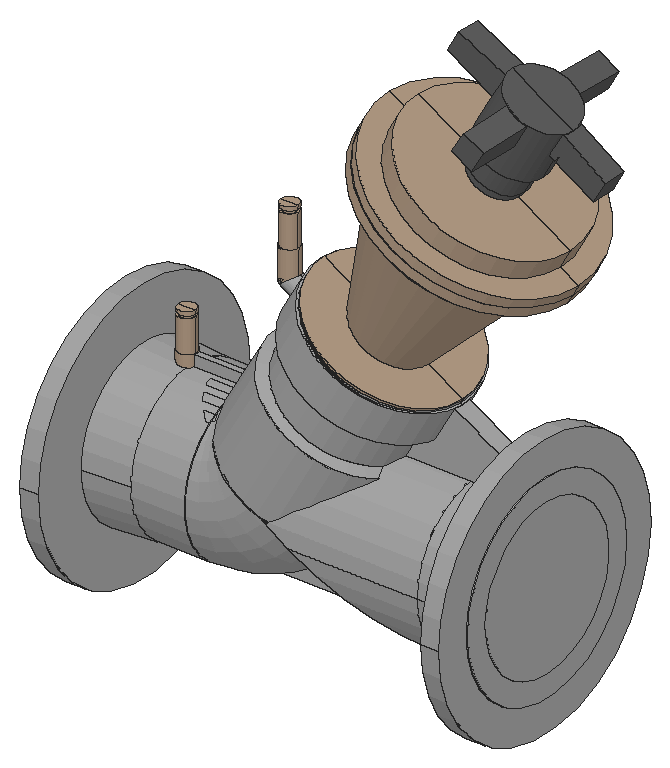
Revit family "oventrop_hydromat-dfc_1064651-55rfa", category Арматура трубопроводов, Revit 2017
Family settings
  Размер круглого соединителя = Использовать радиус
  Тип детали = Клапан - Вставляется
  Номер OmniClass = 23.65.55.14.17
  Заголовок OmniClass = Adjusting/Controlling Valves for Liquid Services
  На основе рабочей плоскости = Нет
  Всегда вертикально = Да
  При загрузке вырезать с полостями = Нет
  Общий = Нет
Parameters (values of type "DN 125")
  Wholesaler Art. No. = ""
  Wholesaler = ""
  VHth = 82.800 mm
  VDst = 40.200 mm
  Use Nominal Diameter [instance] = yes
  built-in parameter 1114242 [instance] = 1
  Up_Flange_Radius = 103.000 mm  # constant formula
  Stabu Code = ""
  Revit Version = "2015"  # constant formula
  Product Line = "Oventrop"  # constant formula
  MEPcontent Class = "VALVE_BALANCING"  # constant formula
  Language = ""
  IFCExportType = "PRESSUREREDUCING"
  IFCExportAs = "IfcValveType"
  Function Code [instance] = ""
  Family Version = "10.14"  # constant formula
  ETIM Article Class = "EC011463"
  EMCS Version = "2.0"  # constant formula
  Custom = no
  CB-NL Class = ""
  Bronze = Color RGB 156-122-90
  URL = "http://file-system.ru/catalog/zdaniya_i_sooruzheniya/kommunikatsii/oborudovanie_dlya_sistem_vodosnabzheniya_i_vodootvedeniya/hydromat_dfc_1064651_dn_65_125_regulyator_perepada_davleniya/"
  R2 = R1 / sin(Angle)  # 10.392 mm
  R1 = 9.000 mm  # constant formula
  Rad3 = Rad4 + 3.000 mm  # 75.800 mm
  OuterDiameter = 139.700 mm
  NominalRadius [instance] = if(Use Nominal Diameter, NominalDiameter / 2, OuterDiameter / 2)  # 62.500 mm
  NominalDiameter = 125.000 mm
  Группа модели = "Hydromat DFC 10646"
  Изготовитель = "Oventrop"  # constant formula
  Lgt4 = 157.500 mm
  Lgt3 = 45.200 mm
  Rad2 = FlangeDiameter / 2  # 125.000 mm
  Length = 400.000 mm
  Internal Art. No. = ""
  Hlp2 = CurDst * 1 / 3  # 14.010 mm
  Height = 450.000 mm
  GTIN = "4026755332124"
  DstChk = 25.000 mm
  Описание = "Differential pressure regulator, flanged"  # constant formula
  FlangeDiameter = 250.000 mm
  Dst1 = if(DstChk < 0.000 mm, 0.000 mm, DstChk)  # 25.000 mm
  r2 = 3.000 mm  # constant formula
  r1 = 2.000 mm  # constant formula
  Rad7 = Rad5 + 2.000 mm  # 77.300 mm
  Rad6 = Rad5 - 10.000 mm  # 65.300 mm
  Rad5 = Rad4 + 2.500 mm  # 75.300 mm
  Rad4 = 72.800 mm
  Rad1 = Rad2 * 0.75  # 93.750 mm
  Pressure Drop = 0.0 Pa
  Radius1 = 62.500 mm
  Manufacturer URL = "http://www.oventrop.de/ArticleInfo.aspx?art=1064654"
  CurDst = (Rad4 * tan(Angle / 2))  # 42.031 mm
  Lgt2 = 17.600 mm
  Lgt1 = 2.000 mm  # constant formula
  L2 = Rad4 * tan(Angle / 2)  # 42.031 mm
  Hlp1 = 22.000 mm  # constant formula
  Hb6 = (Hb2) * sin(Angle) + (Rad5 * cos(Angle)) - (Dst1 * cos(Angle))  # 156.808 mm
  Hb5 = 3.000 mm  # constant formula
  Hb4 = 18.000 mm  # constant formula
  Hb3 = Hb2 / 4  # 38.006 mm
  Hb2 = Hb1 - CurDst - 82.000 mm - 8.000 mm  # 152.025 mm
  Hb1 = (H / sin(Angle)) - (Crank Radius / tan(Angle))  # 284.056 mm
  H = 286.000 mm
  Crank Radius = 80.000 mm  # constant formula
  Cast Iron = Color RGB 140-140-140
  Bottom_Flange_Radius = Up_Flange_Radius / 1.716  # 60.023 mm
  Body_Height = 131.000 mm
  Bonnet = Color RGB 35-35-35
  Article Type = "Hydromat DFC 10646"  # constant formula
  Article Description = "Differential pressure regulator, flanged"  # constant formula
  Angle 3 = -Angle  # -60.00°
  Angle 2 = 90.00° - Angle  # 30.00°
  Angle = 60.00°  # constant formula
  Manufacturer Art. No. = "1064654"
Types (5, lengths in mm): name | VHth | VDst | URL | Rad3 | OuterDiameter | NominalRadius | NominalDiameter | Lgt4 | Lgt3 | Rad2 | Length | Hlp2 | Height | GTIN | DstChk | FlangeDiameter | Dst1 | Rad7 | Rad6 | Rad5 | Rad4 | Rad1 | Radius1 | Manufacturer URL | CurDst | Lgt2 | L2 | Hb6 | Hb3 | Hb2 | Hb1 | H | Body_Height | Manufacturer Art. No.
  DN 65 | 50.400 | 29.400 | "www.stabiplan.com" | 43.400 | 76.100 | 32.500 | 65.000 | 110.000 | 34.400 | 92.500 | 290.000 | 7.775 | 375.000 | "4026755305432" | 28.000 | 185.000 | 28.000 | 44.900 | 32.900 | 42.900 | 40.400 | 69.375 | 32.500 | "http://www.oventrop.de/ArticleInfo.aspx?art=1064651" | 23.325 | 15.584 | 23.325 | 60.308 | 15.259 | 61.035 | 174.360 | 191.000 | 154.000 | "1064651"
  DN 80 | 58.500 | 32.100 | "www.stabiplan.com" | 51.500 | 88.900 | 40.000 | 80.000 | 110.000 | 37.100 | 100.000 | 310.000 | 9.334 | 395.000 | "4026755305449" | 32.000 | 200.000 | 32.000 | 53.000 | 41.000 | 51.000 | 48.500 | 75.000 | 40.000 | "http://www.oventrop.de/ArticleInfo.aspx?art=1064652" | 28.001 | 16.088 | 28.001 | 73.308 | 18.420 | 73.679 | 191.680 | 206.000 | 160.000 | "1064652"
  DN 100 | 69.300 | 35.700 | "www.stabiplan.com" | 62.300 | 114.300 | 50.000 | 100.000 | 110.000 | 40.700 | 110.000 | 350.000 | 11.412 | 410.000 | "4026755305456" | 28.000 | 220.000 | 28.000 | 63.800 | 51.800 | 61.800 | 59.300 | 82.500 | 50.000 | "http://www.oventrop.de/ArticleInfo.aspx?art=1064653" | 34.237 | 16.760 | 34.237 | 112.308 | 27.542 | 110.167 | 234.404 | 243.000 | 134.000 | "1064653"
  DN 125 | 82.800 | 40.200 | "http://file-system.ru/catalog/zdaniya_i_sooruzheniya/kommunikatsii/oborudovanie_dlya_sistem_vodosnabzheniya_i_vodootvedeniya/hydromat_dfc_1064651_dn_65_125_regulyator_perepada_davleniya/" | 75.800 | 139.700 | 62.500 | 125.000 | 157.500 | 45.200 | 125.000 | 400.000 | 14.010 | 450.000 | "4026755332124" | 25.000 | 250.000 | 25.000 | 77.300 | 65.300 | 75.300 | 72.800 | 93.750 | 62.500 | "http://www.oventrop.de/ArticleInfo.aspx?art=1064654" | 42.031 | 17.600 | 42.031 | 156.808 | 38.006 | 152.025 | 284.056 | 286.000 | 131.000 | "1064654"
  DN 150 | 96.300 | 44.700 | "www.stabiplan.com" | 89.300 | 168.300 | 75.000 | 150.000 | 205.000 | 49.700 | 142.500 | 480.000 | 16.608 | 450.000 | "4026755332131" | 40.000 | 285.000 | 40.000 | 90.800 | 78.800 | 88.800 | 86.300 | 106.875 | 75.000 | "http://www.oventrop.de/ArticleInfo.aspx?art=1064655" | 49.825 | 18.440 | 49.825 | 151.308 | 36.635 | 146.540 | 286.366 | 288.000 | 128.000 | "1064655"
Reference planes
  plane 1 "Center (Front/Back)": y = 0
  plane 2: z = 0
  plane 3 "Center (Left/Right)": x = 0
  plane 4: x = -200
  plane 5: x = 200
  plane 6: x = 198
  plane 7: x = -198
  plane 8: x = -84.531
  plane 9: z = -72.8
  plane 10: z = -75.3
  plane 11: z = -65.3
  plane 12: x = -42.5
  plane 13: z = 72.8
  plane 14: y = 8.8
  plane 15: y = -8.8
  plane 16: y = -72.8
  plane 17: y = 72.8
  plane 18: x = 180.4
  plane 19: y = 11
  plane 20: y = -11
  plane 21: y = -3
  plane 22: y = 3
  plane 23: x = -180.4
  plane 24: x = -135.2
  plane 25: x = 135.2
  plane 26: x = -140.2
  plane 27: z = 450
  plane 28: z = 335
Forms (mm)
  Extrusion 1, solid, material "Color RGB 140-140-140" <- "Cast Iron", detail levels fine
    sketch origin (0, 0, 0) x (0, 1, 0) y (0, 0, 1)
      loop
        circle (0, 0) r 93.75
    from 198 to 200
  Extrusion 2, solid, material "Color RGB 140-140-140" <- "Cast Iron", detail levels fine
    sketch origin (0, 0, 0) x (0, 1, 0) y (0, 0, 1)
      loop
        circle (0, 0) r 93.75
    from -198 to -200
  Extrusion 3, solid, material "Color RGB 140-140-140" <- "Cast Iron", detail levels fine
    sketch origin (0, 0, 0) x (0, 1, 0) y (0, 0, 1)
      loop
        circle (0, 0) r 72.8
    from -198 to 198
  Revolve 4, void
    sketch origin (-42.5, 0, 0) x (0.5, 0, 0.866025) y (-0.866025, 0, 0.5)
      loop
        line (28.021, 0) -> (-290, 0) -> (-290, -290) -> (28.021, -290) -> (28.021, 0)
      axis (-290, 0) -> (28.021, 0)
    angle from 0 to 360
  Revolve 5, solid, material "Color RGB 140-140-140" <- "Cast Iron", detail levels fine
    sketch origin (-84.531, -1524, 140.053) x (0, 0, 1) y (0, -1, 0)
      loop
        circle (-140.053, -1524) r 72.8
      axis (-67.253, -1524) -> (-67.253, -1523)
    angle from 0 to -60 <- "Angle 3"
  Extrusion 6, solid, material "Color RGB 140-140-140" <- "Cast Iron", detail levels fine
    sketch origin (-84.531, -1524, 140.053) x (0, 0, 1) y (0, -1, 0)
      loop
        circle (-140.053, -1524) r 72.8
    from -115.469 to 0
  Revolve 7, solid, material "Color RGB 140-140-140" <- "Cast Iron", detail levels fine
    sketch origin (-42.5, 0, 0) x (0.5, 0, 0.866025) y (-0.866025, 0, 0.5)
      loop
        line (194.056, 0) -> (28.021, 0) -> (28.021, -73.3)
        arc (28.021, -73.3) -> (28.607, -74.714) -> (30.021, -75.3) r 2
        line (30.021, -75.3) -> (110.044, -75.3) -> (113.044, -65.3) -> (151.05, -65.3) -> (154.05, -77.3) -> (192.056, -77.3) -> (192.056, -75.3) -> (194.056, -75.3) -> (194.056, 0)
      axis (28.021, 0) -> (194.056, 0)
    angle from 0 to 360
  Extrusion 8, solid, material "Color RGB 140-140-140" <- "Cast Iron", detail levels fine
    sketch origin (198, -1524, 140.053) x (0, 0, 1) y (0, -1, 0)
      loop
        circle (-140.053, -1524) r 72.8
    from 2 to -17.6
  Extrusion 9, solid, material "Color RGB 140-140-140" <- "Cast Iron", detail levels fine
    sketch origin (-42.5, 0, 0) x (0.5, 0, 0.866025) y (-0.866025, 0, 0.5)
      loop
        line (192.056, 0) -> (42.031, 0) -> (42.031, -72.8) -> (88.85, -153.893) -> (192.056, -146.499) -> (192.056, 0)
    from -8.8 to 8.8
  Revolve 10, solid, material "Color RGB 156-122-90" <- "Bronze", detail levels fine
    sketch origin (-43.135, 0, 48.9) x (0, 0, 1) y (-1, 0, 0)
      loop
        line (129.348, 0) -> (129.348, -9) -> (156.808, -9) -> (156.808, -8) -> (186.808, -8) -> (186.808, -6) -> (189.808, -6) -> (189.808, -8) -> (192.808, -8) -> (192.808, 0) -> (129.348, 0)
      axis (129.348, 0) -> (192.808, 0)
    angle from 0 to 360
  Extrusion 11, solid, material "Color RGB 140-140-140" <- "Cast Iron", detail levels fine
    sketch origin (0, 0, 0) x (0, 1, 0) y (0, 0, 1)
      loop
        circle (0, 0) r 125
    from -180.4 to -198
  Extrusion 12, solid, material "Color RGB 140-140-140" <- "Cast Iron", detail levels fine
    sketch origin (0, 0, 0) x (0, 1, 0) y (0, 0, 1)
      loop
        circle (0, 0) r 125
    from 180.4 to 198
  Blend 13, solid, material "Color RGB 140-140-140" <- "Cast Iron", detail levels fine
    base sketch origin (0, 0, 0) x (0, 1, 0) y (0, 0, 1)
      loop
        circle (0, 0) r 75.8
    top sketch origin (0, 0, 0) x (0, 1, 0) y (0, 0, 1)
      loop
        circle (0, 0) r 72.8
    from 180.4 to 135.2
  Blend 14, solid, material "Color RGB 140-140-140" <- "Cast Iron", detail levels fine
    base sketch origin (0, 0, 0) x (0, 1, 0) y (0, 0, 1)
      loop
        circle (0, 0) r 75.8
    top sketch origin (0, 0, 0) x (0, 1, 0) y (0, 0, 1)
      loop
        circle (0, 0) r 72.8
    from -180.4 to -135.2
  Extrusion 15, solid, material "Color RGB 140-140-140" <- "Cast Iron", detail levels fine
    sketch origin (0, 0, 0) x (0, 1, 0) y (0, 0, 1)
      loop
        arc (-3, -72.738) -> (0, -72.8) -> (3, -72.738) r 72.8
        line (3, -72.738) -> (3, 0) -> (-3, 0) -> (-3, -72.738)
    from -84.531 to 135.2
  Revolve 16, solid, material "Color RGB 156-122-90" <- "Bronze", detail levels fine
    sketch origin (0, 0, 0) x (1, 0, 0) y (0, 0, 1)
      loop
        line (-140.2, 0) -> (-131.2, 0) -> (-131.2, 82.8) -> (-132.2, 82.8) -> (-132.2, 112.8) -> (-134.2, 112.8) -> (-134.2, 115.8) -> (-132.2, 115.8) -> (-132.2, 118.8) -> (-140.2, 118.8) -> (-140.2, 0)
      axis (-140.2, 118.8) -> (-140.2, 0)
    angle from 0 to 360
  Extrusion 17, solid, material "Color RGB 140-140-140" <- "Cast Iron", detail levels fine
    sketch origin (0, 0, 0) x (1, 0, 0) y (0, 0, 1)
      loop
        line (-140.2, 82.8) -> (-140.2, 0) -> (-34.135, 0) -> (-34.135, 82.8) -> (-140.2, 82.8)
    from -3 to 3
  Revolve 18, solid, material "Color RGB 140-140-140" <- "Cast Iron", detail levels fine
    sketch origin (15.243, 0, 144.544) x (0.866025, 0, -0.5) y (0.5, 0, 0.866025)
      loop
        arc (-76.409, 0) -> (-73.773, -6.364) -> (-67.409, -9) r 9
        line (-67.409, -9) -> (22.265, -9) -> (22.265, 0) -> (-76.409, 0)
      axis (-76.409, 0) -> (22.265, 0)
    angle from 0 to 360
  Revolve 19, solid, material "Color RGB 156-122-90" <- "Bronze", detail levels fine
    sketch origin (-42.5, 0, 0) x (0.5, 0, 0.866025) y (-0.866025, 0, 0.5)
      loop
        line (387.056, 0) -> (387.056, 83) -> (367.056, 83) -> (367.056, 103) -> (357.056, 103) -> (357.056, 0) -> (387.056, 0)
      axis (357.056, 0) -> (387.056, 0)
    angle from 0 to 360
  Revolve 20, solid, material "Color RGB 156-122-90" <- "Bronze", detail levels fine
    sketch origin (-42.5, 0, 0) x (0.5, 0, 0.866025) y (-0.866025, 0, 0.5)
      loop
        line (357.056, 0) -> (357.056, 103) -> (347.056, 103) -> (347.056, 83) -> (327.056, 83) -> (327.056, 78) -> (196.056, 38) -> (196.056, 75.3) -> (194.056, 75.3) -> (194.056, 0) -> (357.056, 0)
      axis (194.056, 0) -> (357.056, 0)
    angle from 0 to 360
Cuts and joins
  Revolve 4 cuts Extrusion 3
  joined: Extrusion 6, Blend 14, Extrusion 17
Lines and regions (mm)
  reference lines
    curve 1: line (-42.5, 0, 0) -> (157.5, 0, 346.41)
    curve 2: line (30.413, 0, 404.838) -> (236.873, 0, 285.638)
    curve 3: line (216.873, 0, 250.997) -> (10.413, 0, 370.197)
    curve 4: line (226.873, 0, 268.318) -> (20.413, 0, 387.518)
    curve 5: line (-66.087, 0, 237.695) -> (140.373, 0, 118.495)
    curve 6: line (-67.087, 0, 235.963) -> (139.373, 0, 116.763)
    curve 7: line (-106.594, 0, 167.536) -> (99.867, 0, 48.336)
    curve 8: line (-108.094, 0, 164.938) -> (98.367, 0, 45.738)
    curve 9: line (-87.591, 0, 200.451) -> (118.87, 0, 81.251)
    curve 10: line (-142.1, 0, 106.037) -> (64.36, 0, -13.163)
    curve 11: line (-42.5, 0, 0) -> (54.743, 0, -56.143)
    curve 12: line (-65.087, 0, 239.427) -> (141.373, 0, 120.227)
    curve 13: line (15.243, 0, 144.544) -> (120.37, 0, 83.849)
    curve 14: line (27.672, 0, -29.059) -> (99.737, 0, 95.761)
    curve 15: line (91.076, 0, 100.761) -> (19.012, 0, -24.059)
    curve 16: line (101.469, 0, 94.761) -> (29.404, 0, -30.059)
    curve 17: line (93.849, 27, 236.163) -> (83.29, 27, 217.874)
    curve 18: line (93.849, 80, 236.163) -> (83.29, 80, 217.874)
    curve 19: line (99.528, 86.48, 246) -> (99.528, -90.862, 246)
    curve 20: line (98.028, 86.48, 243.402) -> (98.028, -90.862, 243.402)
    curve 21: line (87.028, -90.862, 224.349) -> (87.028, 86.48, 224.349)
    curve 22: line (-43.135, 0, 48.9) -> (-43.135, 0, 140.859)
    curve 28: line (-58.459, 0, 41.57) -> (-20.274, 0, 19.523)
    curve 33: line (226.392, 0, 257.048) -> (15.413, 0, 378.857)
    curve 34: line (0.382, 0, 280.274) -> (88.186, 0, 432.355)
    curve 35: line (-5.734, 0, 229.68) -> (122.02, 0, 450.956)
    curve 36: line (206.873, 0, 233.676) -> (0.413, 0, 352.876)
    curve 37: line (23.852, 0, 190.925) -> (86.947, 0, 300.208)
    curve 38: line (-26.143, 0, 178.93) -> (-1.141, 0, 222.237)
  model lines, style "Accessories", detail levels coarse+medium
    curve 23: line (-200, 0, 73.365) -> (-200, 0, -73.365)
    curve 24: line (200, 0, 73.365) -> (200, 0, -73.365)
    curve 25: circle (0, 0, 0) r 62.5 normal (1, 0, 0)
    curve 26: line (-200, 72.8, 0) -> (-200, -72.8, 0)
    curve 27: line (200, 72.8, 0) -> (200, -72.8, 0)
    curve 29: line (200, 0, 72.8) -> (-200, 0, -72.8)
    curve 30: line (-200, 0, 72.8) -> (200, 0, -72.8)
    curve 31: line (200, 72.8, 0) -> (-200, -72.8, 0)
    curve 32: line (-200, 72.8, 0) -> (200, -72.8, 0)
Dimensions and locks
  equal spacing: plane 5, plane 3 "Center (Left/Right)", plane 4
  "Length": plane 5 to plane 4
  "Lgt1": plane 7 to plane 4
  "CurDst": plane 12 to plane 8
  "Lgt1": plane 6 to plane 5
  "Rad6": level to plane 11
  "Rad5": level to plane 10
  "Rad4": level to plane 9
  "Rad4": plane 13 to level
  equal spacing: plane 14, plane 1 "Center (Front/Back)", plane 15
  "Lgt2": plane 14 to plane 15
  Revolve 4 sketch curve to curve 1 = 290.000 mm
  Revolve 4 sketch curve to curve 11 = 290.000 mm
  equal spacing: plane 17, plane 1 "Center (Front/Back)", plane 16
  "Rad4": plane 1 "Center (Front/Back)" to plane 16
  "CurDst": curve 11 to curve 10
  "Lgt2": plane 6 to plane 18
  "Hb2": curve 10 to curve 5
  "Hb3": curve 13 to curve 6
  "r1": curve 6 to curve 5
  "Rad5": curve 14 to curve 1
  "Rad6": curve 15 to curve 1
  "Rad7": curve 16 to curve 1
  "Hlp1": plane 19 to plane 20
  equal spacing: plane 19, plane 1 "Center (Front/Back)", plane 20
  curve 17 to curve 1 = 27.000 mm
  locked: curve 17 to curve 1 at 27
  curve 18 to curve 1 = 80.000 mm
  "Hb1": curve 1 to curve 19
  locked: curve 20 to curve 19 at 3
  locked: curve 21 to curve 20 at 22
  equal spacing: plane 22, plane 1 "Center (Front/Back)", plane 21
  "r2": plane 1 "Center (Front/Back)" to plane 21
  "Hb6": Revolve 10 sketch curve to curve 22
  locked: Revolve 10 sketch curve to Revolve 10 sketch curve at 30
  "R1": Revolve 10 sketch curve to curve 22
  locked: Revolve 10 sketch curve to Revolve 10 sketch curve at 1
  locked: Revolve 10 sketch curve to Revolve 10 sketch curve at 2
  equal spacing: Revolve 10 sketch curve, Revolve 10 sketch curve, Revolve 10 sketch curve
  locked: Revolve 10 sketch curve to Revolve 10 sketch curve at 6
  "Dst1": curve 1 to curve 22
  locked: curve 22 to Revolve 10 sketch curve
  "Lgt4": plane 12 to plane 4
  "Lgt2": plane 7 to plane 23
  "Lgt3": plane 24 to plane 23
  "Lgt3": plane 18 to plane 25
  "VDst": plane 26 to plane 23
  "R1": Revolve 16 sketch curve to plane 26
  locked: Revolve 16 sketch curve to Revolve 16 sketch curve at 1
  locked: Revolve 16 sketch curve to Revolve 16 sketch curve at 2
  locked: Revolve 16 sketch curve to Revolve 16 sketch curve at 30
  equal spacing: Revolve 16 sketch curve, Revolve 16 sketch curve, Revolve 16 sketch curve
  locked: Revolve 16 sketch curve to Revolve 16 sketch curve at 6
  "VHth": Revolve 16 sketch curve to level
  "VHth": Extrusion 17 sketch curve to level
  "R1": curve 22 to Extrusion 17 sketch curve
  locked: Revolve 18 sketch curve to curve 22 at 0
  "R1": Revolve 18 sketch curve to curve 13
  "r2": curve 9 to curve 13
  "Hb3": curve 7 to curve 9
  "r2": curve 8 to curve 7
  "Hlp2": curve 28 to curve 10
  "Height": plane 27 to level
  "r1": curve 5 to curve 12
  locked: plane 27 to plane 28 at 115
  curve 4 to curve 2 = 20.000 mm
  "Up_Flange_Radius": curve 1 to curve 34
  equal spacing: curve 4, curve 33, curve 3
  locked: curve 4 to curve 3 at 20
  locked: curve 3 to curve 36 at 20
  "Body_Height": curve 36 to curve 12
  curve 36 to curve 2 = 60.000 mm
  locked: curve 35 to curve 34 at 20
  "Rad5": curve 1 to curve 38
  locked: curve 37 to curve 34 at 65
  "Rad1": radius of Extrusion 1 sketch curve
  "Rad1": radius of Extrusion 2 sketch curve
  "Rad4": radius of Extrusion 3 sketch curve
  "Rad4": radius of Revolve 5 sketch curve
  "Rad4": radius of Extrusion 6 sketch curve
  "r1": radius of Revolve 7 sketch curve
  "Rad4": radius of Extrusion 8 sketch curve
  "Radius1": radius of curve 25
  "Rad2": radius of Extrusion 11 sketch curve
  "Rad2": radius of Extrusion 12 sketch curve
  "Rad3": radius of Blend 13 sketch curve
  "Rad4": radius of Blend 13 sketch curve
  "Rad3": radius of Blend 14 sketch curve
  "Rad4": radius of Blend 14 sketch curve
  "Rad4": radius of Extrusion 15 sketch curve
  "Angle": angle level to curve 1
  "Angle 2": angle curve 1 to curve 22
  aligned and locked: level to plane 2
  aligned and locked: plane 7 to Extrusion 2
  aligned and locked: Extrusion 2 to plane 4
  aligned and locked: Extrusion 1 to plane 6
  aligned and locked: Extrusion 1 to plane 5
  aligned and locked: plane 12 to curve 1
  aligned and locked: plane 2 to curve 1
  aligned and locked: curve 3 to curve 2  (x2)
  aligned and locked: curve 4 to curve 2  (x2)
  aligned and locked: curve 5 to curve 2  (x2)
  aligned and locked: curve 6 to curve 2  (x2)
  aligned and locked: curve 7 to curve 2  (x2)
  aligned and locked: curve 8 to curve 2  (x2)
  aligned and locked: curve 9 to curve 2  (x2)
  aligned and locked: curve 10 to curve 2  (x2)
  aligned and locked: curve 11 to curve 1  (x2)
  aligned and locked: curve 12 to curve 2  (x2)
  aligned and locked: Revolve 4 sketch curve to curve 1  (x2)
  aligned and locked: plane 6 to Extrusion 3
  aligned and locked: plane 7 to Extrusion 3
  aligned and locked: Revolve 5 sketch curve to plane 13
  aligned and locked: plane 8 to Extrusion 6
  aligned and locked: curve 1 to Revolve 7 sketch curve
  aligned and locked: Revolve 7 sketch curve to curve 1
  aligned and locked: curve 14 to curve 15
  aligned and locked: curve 5 to Revolve 7 sketch curve
  aligned and locked: Revolve 7 sketch curve to curve 14
  aligned and locked: curve 19 to curve 21  (x2)
  aligned and locked: curve 19 to curve 20  (x2)
  aligned and locked: Extrusion 8 to plane 18
  aligned and locked: plane 2 to Extrusion 9 sketch curve
  aligned and locked: curve 1 to Extrusion 9 sketch curve
  aligned and locked: curve 10 to Extrusion 9 sketch curve
  aligned and locked: Revolve 10 sketch curve to curve 22  (x2)
  aligned and locked: Extrusion 6 to plane 4
  aligned and locked: Extrusion 8 to plane 5
  aligned and locked: Revolve 10 sketch curve to Revolve 10 sketch curve
  aligned and locked: plane 24 to Blend 14
  aligned and locked: Blend 14 to plane 23
  aligned and locked: plane 23 to Extrusion 11
  aligned and locked: plane 7 to Extrusion 11
  aligned and locked: plane 25 to Blend 13
  aligned and locked: plane 18 to Blend 13
  aligned and locked: Extrusion 12 to plane 18
  aligned and locked: plane 6 to Extrusion 12
  aligned and locked: Extrusion 9 to plane 14
  aligned and locked: plane 15 to Extrusion 9
  aligned and locked: level to Extrusion 15 sketch curve
  aligned and locked: Extrusion 15 to plane 8
  aligned and locked: plane 25 to Extrusion 15
  aligned and locked: Extrusion 15 sketch curve to plane 22
  aligned and locked: plane 21 to Extrusion 15 sketch curve
  aligned and locked: Revolve 16 sketch curve to plane 2
  aligned and locked: Revolve 16 sketch curve to Revolve 16 sketch curve
  aligned and locked: Revolve 16 sketch curve to plane 26  (x2)
  aligned and locked: level to Extrusion 17 sketch curve
  aligned and locked: Extrusion 17 to plane 22
  aligned and locked: plane 21 to Extrusion 17
  aligned and locked: plane 25 to Extrusion 9 sketch curve
  aligned and locked: plane 26 to Extrusion 17 sketch curve
  aligned and locked: curve 1 to Revolve 18 sketch curve
  aligned and locked: Revolve 18 sketch curve to curve 13  (x2)
  aligned and locked: curve 6 to Extrusion 9 sketch curve
  aligned and locked: plane 18 to Extrusion 9 sketch curve
  aligned and locked: curve 8 to Revolve 7 sketch curve
  aligned and locked: curve 7 to Revolve 7 sketch curve
  aligned and locked: curve 9 to Revolve 7 sketch curve
  aligned and locked: Revolve 7 sketch curve to curve 15
  aligned and locked: curve 6 to Revolve 7 sketch curve
  aligned and locked: Revolve 7 sketch curve to curve 16
  aligned and locked: curve 13 to Revolve 7 sketch curve
  aligned and locked: Revolve 7 sketch curve to curve 28
  aligned and locked: curve 28 to Revolve 4 sketch curve
  aligned and locked: plane 5 to curve 27
  aligned and locked: plane 13 to curve 30
  aligned and locked: plane 9 to curve 30
  aligned and locked: plane 5 to curve 30
  aligned and locked: plane 5 to curve 29
  aligned and locked: curve 29 to plane 9
  aligned and locked: plane 4 to curve 29
  aligned and locked: plane 4 to curve 30
  aligned and locked: curve 29 to plane 13
  aligned and locked: curve 33 to Revolve 20 sketch curve
  aligned and locked: Revolve 20 sketch curve to curve 34
  aligned and locked: Revolve 20 sketch curve to curve 35
  aligned and locked: Revolve 20 sketch curve to curve 3
  aligned and locked: Revolve 20 sketch curve to curve 36
  aligned and locked: Extrusion 9 to Revolve 20 sketch curve
  aligned and locked: Revolve 20 sketch curve to curve 1
  aligned and locked: Revolve 19 sketch curve to curve 2
  aligned and locked: Revolve 19 sketch curve to curve 35
  aligned and locked: Revolve 19 sketch curve to curve 34
  aligned and locked: Revolve 19 sketch curve to curve 33
  aligned and locked: curve 4 to Revolve 19 sketch curve
  aligned and locked: curve 5 to Revolve 20 sketch curve
  aligned and locked: Revolve 20 sketch curve to curve 37
  aligned and locked: Revolve 20 sketch curve to curve 12
  aligned and locked: Revolve 20 sketch curve to curve 38
  aligned and locked: nested 1 to Revolve 19
  aligned and locked: plane 1 "Center (Front/Back)" to nested 1
Automatic sketch dimensions
  curve 23 to plane 4 = 0.000 mm
  plane 5 to curve 24 = 0.000 mm
  plane 9 to curve 23 = 0.565 mm
  plane 9 to curve 24 = 0.565 mm
  plane 13 to curve 24 = 0.565 mm
  plane 13 to curve 23 = 0.565 mm
  curve 26 to plane 4 = 0.000 mm
  plane 16 to curve 26 = 0.000 mm
  plane 16 to curve 27 = 0.000 mm
  curve 31 to plane 17 = 0.000 mm
  curve 32 to plane 17 = 0.000 mm
  Revolve 4 sketch curve to curve 1 = 0.000 mm  (x2)
  Revolve 19 sketch curve to curve 1 = 0.000 mm  (x4)
  Revolve 20 sketch curve to curve 1 = 0.000 mm  (x2)
  Revolve 20 sketch curve to Revolve 20 sketch curve = 5.000 mm
  curve 25 to level = 0.000 mm
  curve 25 to plane 1 "Center (Front/Back)" = 0.000 mm
  Extrusion 1 sketch curve to level = 0.000 mm
  Extrusion 1 sketch curve to plane 1 "Center (Front/Back)" = 0.000 mm
  Extrusion 2 sketch curve to level = 0.000 mm
  Extrusion 2 sketch curve to plane 1 "Center (Front/Back)" = 0.000 mm
  Extrusion 3 sketch curve to level = 0.000 mm
  Extrusion 3 sketch curve to plane 1 "Center (Front/Back)" = 0.000 mm
  plane 12 to curve 38 = 16.357 mm
  curve 35 to plane 3 "Center (Left/Right)" = 5.734 mm
  curve 38 to plane 3 "Center (Left/Right)" = 1.141 mm
  plane 3 "Center (Left/Right)" to curve 34 = 0.382 mm
  plane 3 "Center (Left/Right)" to curve 37 = 23.852 mm
  curve 37 to plane 28 = 34.792 mm
  curve 34 to plane 27 = 17.645 mm
  plane 27 to curve 35 = 0.956 mm
  curve 11 to curve 1 = 112.287 mm
  curve 1 to curve 14 = 9.920 mm
  curve 1 to curve 15 = 9.920 mm
  curve 14 to curve 16 = 0.000 mm
  curve 33 to curve 1 = 104.344 mm
  curve 33 to curve 3 = 5.218 mm
  curve 13 to curve 9 = 0.000 mm
  curve 3 to curve 36 = 0.000 mm  (x2)
  curve 1 to curve 28 = 9.487 mm
  curve 13 to curve 1 = 22.265 mm
  curve 22 to curve 28 = 9.606 mm
  curve 22 to curve 5 = 68.295 mm
  curve 4 to curve 33 = 0.000 mm
  Revolve 5 sketch curve to level = 0.000 mm
  Revolve 5 sketch curve to plane 1 "Center (Front/Back)" = 0.000 mm
  plane 17 to Revolve 5 sketch curve = 1428.104 mm
  plane 16 to Revolve 5 sketch curve = 2812.199 mm
  Extrusion 6 sketch curve to level = 0.000 mm
  Extrusion 6 sketch curve to plane 1 "Center (Front/Back)" = 0.000 mm
  Revolve 7 sketch curve to curve 1 = 0.000 mm  (x2)
  Revolve 7 sketch curve to Revolve 7 sketch curve = 2.000 mm
  curve 18 to curve 21 = 7.477 mm
  curve 17 to curve 18 = 0.000 mm
  curve 18 to curve 20 = 8.359 mm
  curve 17 to curve 17 = 21.118 mm
  curve 18 to curve 17 = 53.000 mm
  curve 21 to curve 18 = 6.480 mm
  curve 21 to curve 1 = 90.862 mm
  Extrusion 8 sketch curve to level = 0.000 mm
  Extrusion 8 sketch curve to plane 1 "Center (Front/Back)" = 0.000 mm
  Revolve 10 sketch curve to curve 22 = 0.000 mm  (x2)
  Extrusion 11 sketch curve to level = 0.000 mm
  Extrusion 11 sketch curve to plane 1 "Center (Front/Back)" = 0.000 mm
  Extrusion 12 sketch curve to level = 0.000 mm
  Extrusion 12 sketch curve to plane 1 "Center (Front/Back)" = 0.000 mm
  Blend 13 sketch curve to level = 0.000 mm  (x2)
  Blend 13 sketch curve to plane 1 "Center (Front/Back)" = 0.000 mm  (x2)
  Blend 14 sketch curve to level = 0.000 mm  (x2)
  Blend 14 sketch curve to plane 1 "Center (Front/Back)" = 0.000 mm  (x2)
  Extrusion 15 sketch curve to level = 0.000 mm
  Extrusion 15 sketch curve to plane 1 "Center (Front/Back)" = 0.000 mm
  Revolve 16 sketch curve to plane 10 = 120.682 mm
  Revolve 16 sketch curve to Revolve 16 sketch curve = 49.999 mm
  Revolve 18 sketch curve to curve 13 = 0.000 mm  (x2)
Nested families
  nested 1: "S4R_Oventrop_Hydromat_DFC_Bonnet" at (128.627, 0, 234.264), type "S4R_Oventrop_Hydromat_DFC_Bonnet", detail levels fine
    with Use Nominal Diameter yes, Use Annotation Scale 1, NominalRadius 32.500 mm
Connectors
  piping at (-200, 0, 0), diameter 125, driven by "NominalRadius"
    settings: on Extrusion 6, index 1, connector inside diameter 65.000 mm, connector length 0.000 mm, flow factor 0, pipe flow 0.0 L/s, pressure drop 0.0 Pa, fitting loss kfactor 0, connector angle 0.00°, fixture units 0, engagement length 0.000 mm, angle of deflection 0.00°, flow configuration 0, flow direction 1, fitting loss method 4, system type 29, joint type 0, gender type 0, connector reference index 2, connector utility 0, adjustable connector no, is connector primary yes, connector description "Global In"
  piping at (200, 0, 0), diameter 125, driven by "NominalRadius"
    settings: on Extrusion 8, index 2, connector inside diameter 65.000 mm, connector length 0.000 mm, flow factor 0, pipe flow 0.0 L/s, pressure drop 0.0 Pa, fitting loss kfactor 0, connector angle 0.00°, fixture units 0, engagement length 0.000 mm, angle of deflection 0.00°, flow configuration 0, flow direction 2, fitting loss method 4, system type 29, joint type 0, gender type 0, connector reference index 1, connector utility 0, adjustable connector no, is connector primary no, connector description "Global Out"
Definition of nested family "S4R_Oventrop_Hydromat_DFC_Bonnet"
  Parameters
    Default Elevation = 1219.200 mm
    Wholesaler Art. No. = ""
    Wholesaler = ""
    Watermarked By = "www.stabiplan.com"
    VHth = 58.500 mm
    VERSION = "92000"  # constant formula
    VDst = 32.100 mm
    Use Nominal Diameter [instance] = yes
    Use Annotation Scale [instance] = 1
    URL = "www.stabiplan.com"
    Article Type = "DN 80"
    StabiCAD_PM = ""
    R2 = R1 / sin(Angle)  # 10.392 mm
    R1 = 9.000 mm  # constant formula
    Rad3 = Rad4 + 3.000 mm  # 51.500 mm
    Product Line = "Oventrop"  # constant formula
    OuterDiameter = 88.899 mm
    NominalRadius [instance] = 40.000 mm
    NominalDiameter = 79.999 mm
    Model = "DN 80"
    Manufacturer = "Oventrop"  # constant formula
    Lgt4 = 110.000 mm
    Lgt3 = 37.100 mm
    Rad2 = FlangeDiameter / 2  # 80.000 mm
    Length = 309.996 mm
    Internal Art. No. = ""
    Hlp2 = CurDst * 1 / 3  # 9.334 mm
    Height = 394.995 mm
    GTIN = "4026755305449"
    ETIM Article Class = ""
    DstChk = (((Rad5 * sin(Angle)) - (Hb2 * cos(Angle))) / sin(Angle)) + (R1 / sin(Angle)) + 2.000 mm  # 20.854 mm
    Description = "Differential pressure regulator, flanged"  # constant formula
    FlangeDiameter = 160.000 mm
    Dst1 = if(DstChk < 0.000 mm, 0.000 mm, DstChk)  # 20.854 mm
    r2_2 = 3.000 mm  # constant formula
    r1_2 = 2.000 mm  # constant formula
    Rad7 = Rad5 + 2.000 mm  # 53.000 mm
    Rad6 = Rad5 - 10.000 mm  # 41.000 mm
    Rad5 = Rad4 + 2.500 mm  # 51.000 mm
    Rad4 = 48.500 mm
    Rad1 = Rad2 * 0.75  # 60.000 mm
    Pressure Drop = 0.0 Pa
    Radius1 = 40.000 mm
    Manufacturer URL = "http://www.oventrop.de/ArticleInfo.aspx?art=1064652"
    CurDst = (Rad4 * tan(Angle / 2))  # 28.001 mm
    Lgt2 = 16.088 mm
    Lgt1 = 2.000 mm  # constant formula
    L2 = Rad4 * tan(Angle / 2)  # 28.001 mm
    Hlp1 = 22.000 mm  # constant formula
    Hb6 = (Hb2) * sin(Angle) + (Rad5 * cos(Angle)) - (Dst1 * cos(Angle))  # 78.881 mm
    Hb5 = 3.000 mm  # constant formula
    Hb4 = 18.000 mm  # constant formula
    Hb3 = Hb2 / 4  # 18.420 mm
    Hb2 = Hb1 - CurDst - 82.000 mm - 8.000 mm  # 73.679 mm
    Hb1 = (H / sin(Angle)) - (Crank Radius / tan(Angle))  # 191.680 mm
    H = 206.000 mm
    Crank Radius = 80.000 mm
    Copyright = "© Stabiplan BV / Stabiplan International BV"  # constant formula
    Bronze = none
    Black = none
    Angle 3 = -Angle  # -60.00°
    Angle 2 = 90.00° - Angle  # 30.00°
    Angle = 60.00°  # constant formula
    Manufacturer Art. No. = "1064652"
    Article Description = "Differential pressure regulator, flanged"  # constant formula
  Reference planes
    plane 1 "Center (Front/Back)": y = 0
    plane 2: z = 0
    plane 3 "Center (Left/Right)": x = 0
    plane 4: y = 8.044
    plane 5: y = -8.044
    plane 6: y = -48.5
    plane 7: y = 48.5
    plane 8: y = 11
    plane 9: y = -11
    plane 10: y = -3
    plane 11: y = 3
    plane 12: z = 215.902
    plane 13: z = 100.558
  Forms (mm)
    Revolve 1, solid, material <- "Black", detail levels fine
      sketch origin (-35, 0, 0) x (0.5, 0, 0.866025) y (-0.866025, 0, 0.5)
        loop
          line (116.114, 0) -> (116.114, -25) -> (124.114, -25) -> (124.114, -27) -> (149.114, -27) -> (149.114, -33) -> (206.114, -33) -> (206.114, 0) -> (116.114, 0)
        axis (116.114, 0) -> (206.114, 0)
      angle from 0 to 360
    Extrusion 2, solid, material <- "Black", detail levels fine
      sketch origin (-35, 0, 0) x (0.5, 0, 0.866025) y (-0.866025, 0, 0.5)
        loop
          line (206.114, 27) -> (203.114, 80) -> (181.114, 80) -> (181.114, -80) -> (203.114, -80) -> (206.114, -27) -> (206.114, 27)
      from -11 to 11
    Extrusion 3, solid, material <- "Black", detail levels fine
      sketch origin (-28.041, 0, 12.053) x (0.5, 0, 0.866025) y (0, -1, 0)
        loop
          line (188.68, -80) -> (191.68, -27) -> (191.68, 27) -> (188.68, 80) -> (166.68, 80) -> (166.68, -80) -> (188.68, -80)
      from -11 to 11
  Cuts and joins
    joined: Revolve 1, Extrusion 2, Extrusion 3
  Lines and regions (mm)
    reference lines
      curve 1: line (-35, 0, 0) -> (165, 0, 346.41)
      curve 2: line (34.41, 0, 197.926) -> (194.139, 0, 105.707)
      curve 3: line (32.91, 0, 195.328) -> (192.639, 0, 103.109)
      curve 4: line (21.91, 0, 176.276) -> (181.639, 0, 84.056)
      curve 5: line (165.639, 0, 56.343) -> (5.91, 0, 148.563)
      curve 6: line (169.639, 0, 63.271) -> (9.91, 0, 155.491)
      curve 7: line (-10.59, 0, 119.984) -> (149.139, 0, 27.764)
      curve 8: line (-6.59, 0, 126.912) -> (153.139, 0, 34.693)
      curve 9: line (85.76, 0, 155.163) -> (75.201, 0, 136.874)
      curve 10: line (38.995, 0, 182.163) -> (28.436, 0, 163.874)
      curve 11: line (131.659, 0, 128.663) -> (121.1, 0, 110.374)
      curve 12: line (-6.905, 0, 208.663) -> (-17.464, 0, 190.374)
      curve 13: line (62.377, 27, 168.663) -> (51.818, 27, 150.374)
      curve 14: line (62.377, -27, 168.663) -> (51.818, -27, 150.374)
      curve 15: line (62.377, -80, 168.663) -> (51.818, -80, 150.374)
      curve 16: line (62.377, 80, 168.663) -> (51.818, 80, 150.374)
      curve 17: line (60.84, 86.48, 166) -> (60.84, -90.862, 166)
      curve 18: line (59.34, 86.48, 163.402) -> (59.34, -90.862, 163.402)
      curve 19: line (48.34, -90.862, 144.349) -> (48.34, 86.48, 144.349)
  Dimensions and locks
    equal spacing: plane 4, plane 1 "Center (Front/Back)", plane 5
    "Lgt2": plane 4 to plane 5
    locked: curve 3 to curve 2 at 3
    locked: curve 4 to curve 3 at 22
    locked: curve 5 to curve 4 at 32
    locked: curve 5 to curve 8 at 25
    equal spacing: plane 7, plane 1 "Center (Front/Back)", plane 6
    "Rad4": plane 1 "Center (Front/Back)" to plane 6
    locked: curve 6 to curve 5 at 8
    locked: Revolve 1 sketch curve to Revolve 1 sketch curve at 2
    locked: curve 1 to Revolve 1 sketch curve at 27
    locked: Revolve 1 sketch curve to curve 1 at 33
    equal spacing: curve 9, curve 1, curve 10
    locked: curve 9 to curve 1 at 27
    equal spacing: curve 11, curve 1, curve 12
    "Crank Radius": curve 1 to curve 12
    "Hlp1": plane 8 to plane 9
    equal spacing: plane 8, plane 1 "Center (Front/Back)", plane 9
    equal spacing: curve 13, curve 1, curve 14
    locked: curve 13 to curve 1 at 27
    equal spacing: curve 16, curve 1, curve 15
    "Crank Radius": curve 1 to curve 15
    "Hb1": curve 1 to curve 17
    locked: curve 18 to curve 17 at 3
    locked: curve 19 to curve 18 at 22
    equal spacing: plane 11, plane 1 "Center (Front/Back)", plane 10
    "r2_2": plane 1 "Center (Front/Back)" to plane 10
    plane 12 to plane 13 = 115.344 mm
    "Angle": angle level to curve 1
    aligned and locked: level to plane 2
    aligned and locked: plane 2 to curve 1
    aligned and locked: curve 3 to curve 2  (x2)
    aligned and locked: curve 4 to curve 2  (x2)
    aligned and locked: curve 5 to curve 2  (x2)
    aligned and locked: curve 6 to curve 2  (x2)
    aligned and locked: curve 7 to curve 2  (x2)
    aligned and locked: curve 8 to curve 2  (x2)
    aligned and locked: Revolve 1 sketch curve to curve 2
    aligned and locked: Revolve 1 sketch curve to curve 1  (x2)
    aligned and locked: curve 5 to Revolve 1 sketch curve
    aligned and locked: Revolve 1 sketch curve to curve 8
    aligned and locked: curve 7 to Revolve 1 sketch curve
    aligned and locked: curve 10 to curve 9
    aligned and locked: Extrusion 2 sketch curve to curve 10
    aligned and locked: curve 2 to Extrusion 2 sketch curve
    aligned and locked: Extrusion 2 sketch curve to curve 9
    aligned and locked: curve 3 to Extrusion 2 sketch curve
    aligned and locked: curve 4 to Extrusion 2 sketch curve
    aligned and locked: Extrusion 2 sketch curve to curve 4
    aligned and locked: curve 9 to curve 11  (x2)
    aligned and locked: curve 12 to curve 9  (x2)
    aligned and locked: curve 12 to curve 10
    aligned and locked: Extrusion 2 sketch curve to curve 3
    aligned and locked: Extrusion 2 sketch curve to curve 12
    aligned and locked: Extrusion 2 sketch curve to curve 11
    aligned and locked: Extrusion 2 to plane 8
    aligned and locked: plane 9 to Extrusion 2
    aligned and locked: curve 9 to curve 13  (x2)
    aligned and locked: curve 14 to curve 9  (x2)
    aligned and locked: curve 15 to curve 9  (x2)
    aligned and locked: curve 9 to curve 16  (x2)
    aligned and locked: curve 17 to curve 19  (x2)
    aligned and locked: curve 17 to curve 18  (x2)
    aligned and locked: Extrusion 3 sketch curve to curve 16
    aligned and locked: Extrusion 3 sketch curve to curve 15
    aligned and locked: Extrusion 3 sketch curve to curve 14
    aligned and locked: Extrusion 3 sketch curve to curve 13
  Automatic sketch dimensions
    Revolve 1 sketch curve to curve 1 = 0.000 mm  (x2)
    curve 1 to Extrusion 3 sketch curve = 180.598 mm
    Extrusion 3 sketch curve to Extrusion 3 sketch curve = 22.000 mm  (x2)
    Extrusion 3 sketch curve to Extrusion 3 sketch curve = 3.000 mm
    curve 1 to plane 3 "Center (Left/Right)" = 35.000 mm
    curve 1 to curve 7 = 116.114 mm
    curve 7 to curve 8 = 8.000 mm
    curve 9 to curve 4 = 7.477 mm
    curve 12 to curve 12 = 21.118 mm
    curve 6 to curve 11 = 65.587 mm
    curve 10 to curve 6 = 11.852 mm
    curve 19 to curve 16 = 6.480 mm
    curve 15 to curve 19 = 10.862 mm
